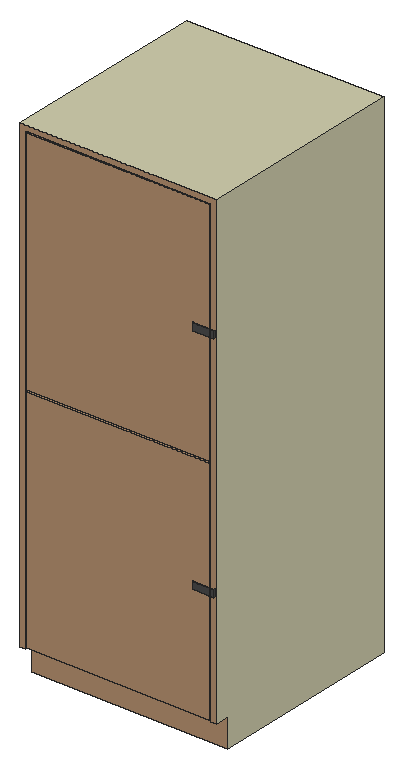
Revit family "Cabinet_Wenger_UltraStor_65", category Furniture, Revit 2015
Parameters (values of type "UltraStor Cabinet #65 - Comp Wood Doors")
  URL = "https://www.wengercorp.com/"
  Type Comments = ""
  Specification = "http://www.arcat.com/sdspecs/htm04/12_35_83wen.htm"
  Shelf Thickness = 0' - 1 1/8"
  Sales Information = "https://www.wengercorp.com/contact-us.php"
  Revision = "R1_2018-04"
  Rear Panel Thickness = 0' - 0 3/4"
  Product Data = "http://www.arcat.com/arcatcos/cos36/arc36487.html"
  Manufacturer Website = "https://www.wengercorp.com/"
  Manufacturer Phone - Toll Free = "800-4WENGER"
  Manufacturer Phone = "(507) 455-4100"
  Manufacturer Fax = "(507) 455-4258"
  Manufacturer Address = "555 Park Dr., Owatonna, MN 55060"
  Keynote = "12 35 83"
  HasDoors = yes
  Green Building-LEED = "http://www.arcat.com/green/clients/leed_data_36487.html"
  Drawn By = "Sumex Design, Inc. / Robert S. Weygant, CSI, CDT, SCIP"
  Door Width = (Cabinet Width - 0' 1 1/2")  # 2' - 2"
  Door Style = Door_Base : Solid Door
  Door Material [instance] = Wenger Cherry (Use Cherry Edge Band Only)
  Door Height = (Cabinet Height - 0' 4 3/4") / 2  # 2' - 8 1/2"
  Toe Kick Material [instance] = Wenger Cherry (Use Cherry Edge Band Only)
  RH End Panel [instance] = no
  Model = "#65"
  Manufacturer = "Wenger Corporation"
  LH End Panel [instance] = no
  End Panel Material [instance] = Wenger Cherry (Use Cherry Edge Band Only)
  Edge Banding Material [instance] = Wenger Cherry (Use Cherry Edge Band Only)
  Cost = 0
  Copyright = "© 2018 Arcat Inc."
  Construction Details = "http://www.arcat.com/details/wengerco/wengerco.html?coid=36487"
  Body Material [instance] = Wenger - Oyster
  Description = "Wenger UltraStor Cabinet #65 - Comp Wood Doors"
  Cabinet Width = 2' - 3 1/2"
  Cabinet Height = 5' - 9 3/4"
  Installed Depth = 2' - 5 1/4"
  Cabinet Panel Thickness = 0' - 0 3/4"
  Assembly Code = "E2010200"
Types (14): name | Rear Panel Thickness | HasDoors | Door Width | Door Style | Door Material | Model | Description | Cabinet Width | Installed Depth
  Acoustic Cabinet #65 - No Doors | 0' - 3 1/4" | no | 2' - 2" | Door_Base : Solid Door | none | "#65A" | "Wenger Acoustic Cabinet #65 - No Doors" | 2' - 3 1/2" | 2' - 7 3/4"
  Narrow Acoustic Cabinet #65 - No Doors | 0' - 3 1/4" | no | 1' - 8" | Door_Base : Solid Door | none | "#65NA" | "Wenger Narrow Acoustic Cabinet #65 - No Doors" | 1' - 9 1/2" | 2' - 7 3/4"
  Acoustic Cabinet #65 - Comp Grille Doors | 0' - 3 1/4" | yes | 2' - 2" | Door_Base : Bars | Painted Black | "#65A" | "Wenger Acoustic Cabinet #65 - Comp Grille Doors" | 2' - 3 1/2" | 2' - 7 3/4"
  Narrow Acoustic Cabinet #65 - Comp Waterfall Grille Doors | 0' - 3 1/4" | yes | 1' - 8" | Door_Base : Waterfall | Painted Black | "#65NA" | "Wenger Narrow Acoustic Cabinet #65 - Comp Waterfall Grille Doors" | 1' - 9 1/2" | 2' - 7 3/4"
  Acoustic Cabinet #65 - Comp Waterfall Grille Doors | 0' - 3 1/4" | yes | 2' - 2" | Door_Base : Waterfall | Painted Black | "#65A" | "Wenger Acoustic Cabinet #65 - Comp Waterfall Grille Doors" | 2' - 3 1/2" | 2' - 7 3/4"
  Narrow Acoustic Cabinet #65 - Comp Grille Doors | 0' - 3 1/4" | yes | 1' - 8" | Door_Base : Bars | Painted Black | "#65NA" | "Wenger Narrow Acoustic Cabinet #65 - Comp Grille Doors" | 1' - 9 1/2" | 2' - 7 3/4"
  UltraStor Cabinet #65 - Comp Waterfall Grille Doors | 0' - 0 3/4" | yes | 2' - 2" | Door_Base : Waterfall | Painted Black | "#65" | "Wenger UltraStor Cabinet #65 - Comp Waterfall Grille Doors" | 2' - 3 1/2" | 2' - 5 1/4"
  Narrow UltraStor Cabinet #65 - Comp Waterfall Grille Doors | 0' - 0 3/4" | yes | 1' - 8" | Door_Base : Waterfall | Painted Black | "#65N" | "Wenger Narrow Cabinet #65 - Comp Waterfall Grille Doors" | 1' - 9 1/2" | 2' - 5 1/4"
  Narrow UltraStor Cabinet #65 - No Doors | 0' - 0 3/4" | no | 1' - 8" | Door_Base : Solid Door | none | "#65N" | "Wenger Narrow Cabinet #65 - No Doors" | 1' - 9 1/2" | 2' - 5 1/4"
  UltraStor Cabinet #65 - No Doors | 0' - 0 3/4" | no | 2' - 2" | Door_Base : Solid Door | none | "#65" | "Wenger UltraStor Cabinet #65 - No Doors" | 2' - 3 1/2" | 2' - 5 1/4"
  UltraStor Cabinet #65 - Comp Wood Doors | 0' - 0 3/4" | yes | 2' - 2" | Door_Base : Solid Door | Wenger Cherry (Use Cherry Edge Band Only) | "#65" | "Wenger UltraStor Cabinet #65 - Comp Wood Doors" | 2' - 3 1/2" | 2' - 5 1/4"
  Narrow UltraStor Cabinet #65 - Comp Grille Doors | 0' - 0 3/4" | yes | 1' - 8" | Door_Base : Bars | Painted Black | "#65N" | "Wenger Narrow Cabinet #65 - Comp Grille Doors" | 1' - 9 1/2" | 2' - 5 1/4"
  Narrow UltraStor Cabinet #65 - Comp Wood Doors | 0' - 0 3/4" | yes | 1' - 8" | Door_Base : Solid Door | Wenger Cherry (Use Cherry Edge Band Only) | "#65N" | "Wenger Narrow Cabinet #65 - Comp Wood Doors" | 1' - 9 1/2" | 2' - 5 1/4"
  UltraStor Cabinet #65 - Comp Grille Doors | 0' - 0 3/4" | yes | 2' - 2" | Door_Base : Bars | Painted Black | "#65" | "Wenger UltraStor Cabinet #65 - Comp Grille Doors" | 2' - 3 1/2" | 2' - 5 1/4"
Reference planes (in)
  plane 1 "Front": y = 0
  plane 2: z = 0
  plane 3 "Left": x = 0
  plane 4 "Right": x = 27.5
  plane 5 "Back": y = 29.25
  plane 6 "Top": z = 69.75
  plane 7: z = 4
  plane 8: z = 36.5
  plane 9: x = 0.75
  plane 10: x = 26.75
  plane 11: z = 69
  plane 12: x = 26.75
  plane 13: x = 0.75
  plane 14: y = 28.5
  plane 15: y = 2
  plane 16: y = 0.75
  plane 17: z = 37.625
  plane 18: z = 5.125
Forms (in)
  Extrusion 1, solid, material "Wenger - Oyster" <- "Body Material"
    sketch origin (0, 0, 0) x (0, 1, 0) y (0, 0, 1)
      loop
        line (0, 69.75) -> (0, 4) -> (2, 4) -> (2, 0) -> (29.25, 0) -> (29.25, 69.75) -> (0, 69.75)
    from 0 to 27.5
  Extrusion 2, void
    sketch origin (0, 0, 0) x (0, 1, 0) y (0, 0, 1)
      loop
        line (0, 69) -> (0, 4) -> (0.75, 4)
        arc (0.75, 4) -> (1.15915, 4.80234) -> (2, 5.125) r 1.25694
        line (2, 5.125) -> (28.5, 5.125) -> (28.5, 36.5) -> (0.75, 36.5)
        arc (0.75, 36.5) -> (1.15915, 37.30234) -> (2, 37.625) r 1.25694
        line (2, 37.625) -> (28.5, 37.625) -> (28.5, 69) -> (0, 69)
    from 0.75 to 26.75
  Extrusion 3, void
    sketch origin (0, 0, 0) x (0, 1, 0) y (0, 0, 1)
      loop
        line (0, 69) -> (0, 4) -> (0.0625, 4) -> (0.0625, 69) -> (0, 69)
    from 0.75 to 26.75
Cuts and joins
  Extrusion 2, Extrusion 3 cuts Extrusion 1
Lines and regions (in)
  Masking region 1
    outline origin (0, 0, 0) x (1, 0, 0) y (0, 1, 0)
      loop
        line (0, 29.25) -> (0, 0) -> (27.5, 0) -> (27.5, 29.25) -> (0, 29.25)
Dimensions and locks (in)
  "Cabinet Panel Thickness": plane 3 "Left" to plane 9
  "Cabinet Panel Thickness": plane 10 to plane 4 "Right"
  "Cabinet Panel Thickness": plane 5 "Back" to plane 14
  locked: plane 1 "Front" to plane 16 at 0.75
  locked: plane 1 "Front" to plane 15 at 2
  "Shelf Thickness": plane 17 to plane 8
  "Cabinet Panel Thickness": plane 6 "Top" to plane 11
  equal spacing: plane 11, plane 8, plane 7
  "Shelf Thickness": plane 18 to plane 7
  "Cabinet Width": plane 3 "Left" to plane 4 "Right"
  locked: plane 7 to level at 4
  "Cabinet Height": plane 6 "Top" to level
  "Installed Depth": plane 1 "Front" to plane 5 "Back"
  "Door Width": plane 12 to plane 9
  "Door Width": plane 10 to plane 13
  plane 3 "Left" to plane 4 "Right" = 2' - 3 1/2"
  equal spacing: plane 5 "Back", nested 2, plane 1 "Front"
  equal spacing: plane 13, nested 2, plane 12
  aligned and locked: Extrusion 1 sketch curve to plane 6 "Top"
  aligned and locked: Extrusion 1 sketch curve to plane 5 "Back"
  aligned and locked: Extrusion 1 sketch curve to plane 1 "Front"
  aligned and locked: Extrusion 1 sketch curve to plane 7
  aligned and locked: Extrusion 1 sketch curve to plane 15
  aligned and locked: Extrusion 1 sketch curve to level
  aligned and locked: Extrusion 1 to plane 4 "Right"
  aligned and locked: Extrusion 1 to plane 3 "Left"
  aligned and locked: Extrusion 2 sketch curve to plane 11
  aligned and locked: Extrusion 2 sketch curve to plane 14
  aligned and locked: Extrusion 2 sketch curve to plane 8
  aligned and locked: Extrusion 2 sketch curve to plane 18
  aligned and locked: Extrusion 2 sketch curve to plane 17
  aligned and locked: Extrusion 2 to plane 9
  aligned and locked: Extrusion 3 sketch curve to cut or joined group of Extrusion 1, Extrusion 2, Extrusion 3  (x3)
  aligned and locked: Extrusion 3 to plane 10
  aligned and locked: Extrusion 3 to plane 9
  aligned and locked: nested 3 to plane 9
  aligned and locked: plane 12 to nested 3
  aligned and locked: nested 3 to plane 8
  aligned and locked: plane 8 to cut or joined group of Extrusion 1, Extrusion 2, Extrusion 3
  aligned and locked: plane 12 to nested 4
  aligned and locked: nested 4 to plane 9
  aligned and locked: plane 7 to cut or joined group of Extrusion 1, Extrusion 2, Extrusion 3
  aligned and locked: nested 4 to plane 7
  aligned and locked: plane 16 to Extrusion 2 sketch curve
  aligned and locked: plane 1 "Front" to nested 5
  aligned and locked: nested 5 to level
  aligned and locked: nested 5 to plane 4 "Right"
  aligned and locked: Masking region 1 sketch curve to plane 5 "Back"
  aligned and locked: Masking region 1 sketch curve to plane 1 "Front"
  aligned and locked: plane 3 "Left" to Masking region 1 sketch curve
  aligned and locked: plane 4 "Right" to Masking region 1 sketch curve
  aligned and locked: cut or joined group of Extrusion 1, Extrusion 2, Extrusion 3 to plane 10
  aligned and locked: plane 1 "Front" to Extrusion 2 sketch curve
Automatic sketch dimensions
  plane 16 to Extrusion 3 sketch curve = 0' - 0 11/16"
  Extrusion 2 sketch curve to plane 7 = 0' - 0"
  Extrusion 2 sketch curve to plane 16 = 0' - 0"
  Extrusion 2 sketch curve to plane 15 = 0' - 0"  (x2)
  Extrusion 2 sketch curve to plane 14 = 0' - 0"
Nested families (in)
  nested 1: "End Panel" at (0, 14.25, 0) x (0, -1, 0) z (0, 0, 1), End Panel Material <- "End Panel Material", visible <- "LH End Panel", Edge Banding Material <- "Edge Banding Material", type "End Panel"
    with End Panel Material Wenger Cherry (Use Cherry Edge Band Only), Edge Banding Material Wenger Cherry (Use Cherry Edge Band Only), End Panel Height 5' - 9 3/4", End Panel Depth 2' - 5 1/4"
  nested 2: "Labels" at (13.75, 14.625, 0), type "Labels"
  nested 3: "Door_Base" at (13.75, 0, 36.5) x (1, 0, 0) z (0, -1, 0), type <- "Door Style", Height <- "Door Height", Width <- "Door Width", visible <- "HasDoors", type "Solid Door", detail levels medium+fine
    with vBars 24, Width 2' - 2", ToeKick Height 0' - 4", MidBar no, Height 2' - 8 1/2", BarHt 2' - 8", 2HzBars no
  nested 4: "Door_Base" at (13.75, 0, 4) x (1, 0, 0) z (0, -1, 0), type <- "Door Style", Height <- "Door Height", Width <- "Door Width", visible <- "HasDoors", type "Solid Door", detail levels medium+fine
    with vBars 24, Width 2' - 2", ToeKick Height 0' - 4", MidBar no, Height 2' - 8 1/2", BarHt 2' - 8", 2HzBars no
  nested 5: "End Panel" at (28.25, 14.25, 0) x (0, -1, 0) z (0, 0, 1), End Panel Material <- "End Panel Material", Edge Banding Material <- "Edge Banding Material", visible <- "RH End Panel", type "End Panel"
    with End Panel Material Wenger Cherry (Use Cherry Edge Band Only), Edge Banding Material Wenger Cherry (Use Cherry Edge Band Only), End Panel Height 5' - 9 3/4", End Panel Depth 2' - 5 1/4"
Definition of nested family "End Panel"
  Parameters (values of type "End Panel")
    End Panel Material [instance] = none
    End Panel Height = 7' - 1 5/8"
    End Panel Depth = 1' - 9 3/4"
    Edge Banding Material [instance] = none
    Default Elevation = 4' - 0"
    Assembly Code = ""
  Reference planes (in)
    plane 1 "Center (Front/Back)": y = 0
    plane 2: z = 0
    plane 3 "Center (Left/Right)": x = 0
    plane 4: x = -15
    plane 5: x = 6.75
    plane 6: z = 4
    plane 7: x = 4.75
    plane 8: z = 85.625
    plane 9: y = -0.75
  Forms (in)
    Extrusion 1, solid, material <- "End Panel Material"
      sketch origin (0, 0, 0) x (1, 0, 0) y (0, 0, 1)
        loop
          line (-15, 85.625) -> (-15, 0) -> (4.75, 0) -> (4.75, 4) -> (6.75, 4) -> (6.75, 85.625) -> (-15, 85.625)
      from 0 to 0.75
  Lines and regions (in)
    Masking region 1, detail levels coarse+medium
      outline origin (0, 0, 0) x (1, 0, 0) y (0, 1, 0)
        loop
          line (-15, 0) -> (-15, -0.75) -> (6.75, -0.75) -> (6.75, 0) -> (-15, 0)
  Dimensions and locks (in)
    locked: plane 7 to plane 5 at 2
    locked: plane 6 to level at 4
    "End Panel Height": plane 8 to level
    "End Panel Depth": plane 5 to plane 4
    locked: plane 9 to plane 1 "Center (Front/Back)" at 0.75
    aligned and locked: plane 4 to Extrusion 1 sketch curve
    aligned and locked: level to Extrusion 1 sketch curve
    aligned and locked: plane 7 to Extrusion 1 sketch curve
    aligned and locked: plane 6 to Extrusion 1 sketch curve
    aligned and locked: Extrusion 1 sketch curve to plane 5
    aligned and locked: Extrusion 1 sketch curve to plane 8
    aligned and locked: Extrusion 1 to plane 9
    aligned and locked: Extrusion 1 to plane 1 "Center (Front/Back)"
    aligned and locked: plane 4 to Masking region 1 sketch curve
    aligned and locked: Masking region 1 sketch curve to plane 5
    aligned and locked: plane 1 "Center (Front/Back)" to Masking region 1 sketch curve
    aligned and locked: plane 9 to Masking region 1 sketch curve
Definition of nested family "Door_Base"
  Parameters (values of type "None")
    vBars [instance] = (Width - 0' 2") / 0' 1"  # 6
    Width [instance] = 0' - 8"
    ToeKick Height [instance] = 0' - 4"
    Thickness = 0' - 0 3/4"
    Solid Door = no
    Shelf Thickness = 0' - 0 3/4"
    Panel Thickness = 0' - 0 3/4"
    MidBar [instance] = and(Height < 1' 6", HasDoor, not(Solid Door))  # no
    Height [instance] = 1' - 2 5/8"
    HasDoor = no
    Edge Banding = none
    DoorGap = 0' - 0 1/8"
    Door Finish = none
    Depth = 2' - 0"
    Default Elevation = 4' - 0"
    Bars = no
    BarStyle = Bars : Waterfall
    BarHt [instance] = Height - 0' 0 1/2"  # 1' - 2 1/8"
    2HzBars [instance] = and(Height > 1' 6", not(Solid Door))  # no
  Types (4): name | Thickness | Solid Door | MidBar | HasDoor | Bars | BarStyle
    Solid Door | 0' - 0 3/4" | yes | no | yes | no | Bars : Waterfall
    Bars | 0' - 0 1/4" | no | yes | yes | yes | Bars : Straight
    Waterfall | 0' - 0 3/4" | no | yes | yes | yes | Bars : Waterfall
    None | 0' - 0 3/4" | no | no | no | no | Bars : Waterfall
  Reference planes (in)
    plane 1 "Center (Front/Back)": y = 0
    plane 2: z = 0
    plane 3 "Center (Left/Right)": x = 0
    plane 4: x = -4
    plane 5: y = 14.625
    plane 6: x = 4
    plane 7: z = -0.75
    plane 8: x = -3.875
    plane 9: x = 3.875
    plane 10: y = 0.125
    plane 11: y = 14.5
    plane 12: y = -0.75
    plane 13 "CL Elev": y = 7.3125
    plane 14: x = -3.75
    plane 15: x = 3.75
    plane 16 "BtmRail": y = 0.25
    plane 17: y = 14.375
    plane 18: z = -0.125
    plane 19: x = -2.75
    plane 20: x = 2.75
    plane 21: y = 9.66667
    plane 22: y = 4.95833
  Forms (in)
    Extrusion 1, solid, material <- "Door Finish", visible <- "Solid Door", detail levels medium+fine
      sketch origin (0, 0, 0) x (1, 0, 0) y (0, 1, 0)
        loop
          arc (-3.75, 14.5) -> (-3.83839, 14.46339) -> (-3.875, 14.375) r 0.125
          line (-3.875, 14.375) -> (-3.875, 0.25)
          arc (-3.875, 0.25) -> (-3.83839, 0.16161) -> (-3.75, 0.125) r 0.125
          line (-3.75, 0.125) -> (3.75, 0.125)
          arc (3.75, 0.125) -> (3.83839, 0.16161) -> (3.875, 0.25) r 0.125
          line (3.875, 0.25) -> (3.875, 14.375)
          arc (3.875, 14.375) -> (3.83839, 14.46339) -> (3.75, 14.5) r 0.125
          line (3.75, 14.5) -> (-3.75, 14.5)
      from 0 to -0.75
    Sweep 2, solid, material <- "Door Finish", visible <- "Bars", detail levels medium+fine
      path origin (0, 0, 0) x (1, 0, 0) y (0, 1, 0)
        loop
          arc (-3.125, 14.5) -> (-3.65533, 14.28033) -> (-3.875, 13.75) r 0.75
          line (-3.875, 13.75) -> (-3.875, 0.875)
          arc (-3.875, 0.875) -> (-3.65533, 0.34467) -> (-3.125, 0.125) r 0.75
          line (-3.125, 0.125) -> (3.125, 0.125)
          arc (3.125, 0.125) -> (3.65533, 0.34467) -> (3.875, 0.875) r 0.75
          line (3.875, 0.875) -> (3.875, 13.75)
          arc (3.875, 13.75) -> (3.65533, 14.28033) -> (3.125, 14.5) r 0.75
          line (3.125, 14.5) -> (-3.125, 14.5)
      profile origin (0, 14.5, 0) x (0, 1, 0) y (0, 0, 1)
        loop
          circle (-0.125, -0.125) r 0.125
    Extrusion 3, solid, material <- "Door Finish", visible <- "MidBar", detail levels medium+fine
      sketch origin (0, 0, 0) x (0, 1, 0) y (0, 0, 1)
        loop
          circle (7.3125, -0.125) r 0.125
      from -3.75 to 3.75
    Extrusion 4, solid, visible <- "HasDoor", detail levels fine
      sketch origin (0, 0, 0) x (1, 0, 0) y (0, 1, 0)
        loop
          line (1.5, 7.8125) -> (1.5, 6.8125) -> (4.5, 6.8125) -> (4.5, 7.8125) -> (1.5, 7.8125)
      from 0 to 0.125
    Extrusion 5, solid, material <- "Door Finish", visible <- "2HzBars", detail levels medium+fine
      sketch origin (0, 0, 0) x (0, 1, 0) y (0, 0, 1)
        loop
          circle (9.66667, -0.125) r 0.125
        loop
          circle (4.95833, -0.125) r 0.125
      from -3.75 to 3.75
  Lines and regions (in)
    symbolic lines, visible <- "HasDoor", detail levels medium+fine
      curve 1: line (4, 0.25, 0) -> (-4, 0.25, 0)
      curve 2: line (-4, 0.25, 0) -> (-4, 0.25, 8)
      curve 3: arc (4, 0.25, 0) -> (1.65685, 0.25, 5.65685) -> (-4, 0.25, 8) r 8
    symbolic lines, visible <- "HasDoor"
      curve 4: line (3.875, 0.25, 0) -> (3.875, 0.25, -0.75)
      curve 5: line (3.875, 0.25, -0.75) -> (-3.875, 0.25, -0.75)
      curve 6: line (-3.875, 0.25, -0.75) -> (-3.875, 0.25, 0)
    symbolic lines, detail levels medium
      curve 7: line (3.875, 14.5, 0) -> (-3.875, 7.3125, 0)
      curve 8: line (-3.875, 7.3125, 0) -> (3.875, 0.125, 0)
  Dimensions and locks (in)
    "Height": plane 1 "Center (Front/Back)" to plane 5
    "Thickness": level to plane 7
    equal spacing: plane 4, plane 3 "Center (Left/Right)", plane 6
    "Width": plane 4 to plane 6
    "DoorGap": plane 5 to plane 11
    "DoorGap": plane 9 to plane 6
    "DoorGap": plane 4 to plane 8
    "DoorGap": plane 1 "Center (Front/Back)" to plane 10
    "Shelf Thickness": plane 1 "Center (Front/Back)" to plane 12
    equal spacing: plane 1 "Center (Front/Back)", plane 13 "CL Elev", plane 5
    locked: plane 15 to plane 9 at 0.125
    locked: plane 8 to plane 14 at 0.125
    locked: plane 11 to plane 17 at 0.125
    locked: plane 16 "BtmRail" to plane 10 at 0.125
    locked: level to plane 18 at 0.125
    plane 19 to plane 14 = 0' - 1"
    locked: plane 15 to plane 20 at 1
    Extrusion 4 sketch curve to plane 13 "CL Elev" to Extrusion 4 sketch curve = 0' - 0 1/2" locked, 0' - 0 1/2" locked
    locked: plane 6 to Extrusion 4 sketch curve at 0.5
    locked: Extrusion 4 sketch curve to plane 6 at 2.5
    locked: Extrusion 4 to level at 0.125
    equal spacing: group 1, group 3, group 4, group 5, group 6, group 2  (x3)
    equal spacing: plane 17, plane 21, plane 22, plane 16 "BtmRail"
    "Width": radius of curve 3
    aligned and locked: plane 2 to level
    aligned and locked: Extrusion 1 sketch curve to plane 11
    aligned and locked: plane 8 to Extrusion 1 sketch curve
    aligned and locked: Extrusion 1 sketch curve to plane 9
    aligned and locked: plane 10 to Extrusion 1 sketch curve
    aligned and locked: Extrusion 1 to plane 7
    aligned and locked: level to Extrusion 1
    aligned and locked: Sweep 2 sketch curve to plane 11
    aligned and locked: plane 8 to Sweep 2 sketch curve
    aligned and locked: plane 10 to Sweep 2 sketch curve
    aligned and locked: Sweep 2 sketch curve to plane 9
    aligned and locked: plane 15 to Extrusion 3
    aligned and locked: Extrusion 3 to plane 14
    aligned and locked: plane 20 to nested 2
    aligned and locked: plane 19 to nested 1
    aligned and locked: plane 21 to Extrusion 5 sketch curve
    aligned and locked: plane 18 to Extrusion 5 sketch curve  (x2)
    aligned and locked: plane 22 to Extrusion 5 sketch curve
    aligned and locked: Extrusion 5 to Extrusion 3  (x2)
    aligned and locked: plane 4 to curve 3  (x2)
    aligned and locked: level to curve 3
    aligned and locked: plane 7 to curve 5
    aligned and locked: Extrusion 1 to plane 8
    aligned and locked: plane 9 to Extrusion 1
    aligned and locked: plane 10 to curve 8
    aligned and locked: plane 9 to curve 8
    aligned and locked: plane 13 "CL Elev" to curve 8
    aligned and locked: plane 11 to curve 7
    aligned and locked: plane 9 to curve 7
  Automatic sketch dimensions
    plane 8 to Sweep 2 sketch curve = 0' - 0 3/4"  (x2)
    Sweep 2 sketch curve to plane 9 = 0' - 0 3/4"
    Sweep 2 sketch curve to Sweep 2 sketch curve = 0' - 0 3/4"
    Sweep 2 sketch curve to level = 0' - 0 1/8"
    profile plane to Sweep 2 sketch curve = 0' - 0 1/8"
    Extrusion 3 sketch curve to level = 0' - 0 1/8"
    Extrusion 3 sketch curve to plane 13 "CL Elev" = 0' - 0"
    curve 8 to plane 8 = 0' - 0"
    Extrusion 1 sketch curve to plane 14 = 0' - 0"  (x2)
    Extrusion 1 sketch curve to plane 15 = 0' - 0"  (x2)
    curve 5 to plane 9 = 0' - 0"
    curve 6 to plane 8 = 0' - 0"
    radius of Sweep 2 sketch curve = 0' - 0 1/8"
    radius of Extrusion 3 sketch curve = 0' - 0 1/8"
    radius of Extrusion 5 sketch curve = 0' - 0 1/8"  (x2)
  Nested families (in)
    nested 1: "Bars" at (-2.75, 0.25, -0.125) x (1, 0, 0) z (0, 1, 0), type <- "BarStyle", visible <- "Bars", type "Waterfall", detail levels fine
      with Lateral Deviation 0' - 1", Height 1' - 2 1/8"
    nested 2: "Bars" at (2.75, 0.25, -0.125) x (1, 0, 0) z (0, 1, 0), type <- "BarStyle", visible <- "Bars", type "Waterfall", detail levels fine
      with Lateral Deviation 0' - 1", Height 1' - 2 1/8"
    nested 3: "Bars" at (-1.65, 0.25, -0.125) x (1, 0, 0) z (0, 1, 0), type <- "BarStyle", visible <- "Bars", type "Waterfall", detail levels fine
      with Lateral Deviation 0' - 1", Height 1' - 2 1/8"
    nested 4: "Bars" at (-0.55, 0.25, -0.125) x (1, 0, 0) z (0, 1, 0), type <- "BarStyle", visible <- "Bars", type "Waterfall", detail levels fine
      with Lateral Deviation 0' - 1", Height 1' - 2 1/8"
    nested 5: "Bars" at (0.55, 0.25, -0.125) x (1, 0, 0) z (0, 1, 0), type <- "BarStyle", visible <- "Bars", type "Waterfall", detail levels fine
      with Lateral Deviation 0' - 1", Height 1' - 2 1/8"
    nested 6: "Bars" at (1.65, 0.25, -0.125) x (1, 0, 0) z (0, 1, 0), type <- "BarStyle", visible <- "Bars", type "Waterfall", detail levels fine
      with Lateral Deviation 0' - 1", Height 1' - 2 1/8"
  Definition of nested family "Bars"
    Parameters (values of type "Straight")
      WaterFall = no
      Straight = yes
      Lateral Deviation = 0' - 1 1/2"
      Height = 1' - 2 5/8"
      Default Elevation = 4' - 0"
      Bars = none
    Types (3): name | WaterFall | Straight
      (no name) | no | yes
      Waterfall | yes | no
      Straight | no | yes
    Reference planes (in)
      plane 1 "Center (Front/Back)": y = 0
      plane 2: z = 0
      plane 3 "Center (Left/Right)": x = 0
      plane 4: z = 14.625
      plane 5: z = 7.3125
      plane 6: x = 0.75
      plane 7: x = -0.75
      plane 8: z = 10.96875
      plane 9: z = 3.65625
    Forms (in)
      Sweep 1, solid, material <- "Bars", visible <- "WaterFall"
        path origin (0, 0, 0) x (1, 0, 0) y (0, 0, 1)
          loop
            arc (0, 0) -> (0.56057, 1.79006) -> (0.75, 3.65625) r 9.28711
            arc (0.75, 3.65625) -> (0.56057, 5.52244) -> (0, 7.3125) r 9.28711
        profile origin (0.56057, 0, 1.79006) x (-0.979603, 0, 0.200944) y (0, -1, 0)
          loop
            circle (0, 0) r 0.0625
      Sweep 2, solid, material <- "Bars", visible <- "WaterFall"
        path origin (0, 0, 14.625) x (-1, 0, 0) y (0, 0, -1)
          loop
            arc (0, 0) -> (0.56057, 1.79006) -> (0.75, 3.65625) r 9.28711
            arc (0.75, 3.65625) -> (0.56057, 5.52244) -> (0, 7.3125) r 9.28711
        profile origin (-0.56057, 0, 12.83494) x (0.979603, 0, -0.200944) y (0, -1, 0)
          loop
            circle (0, 0) r 0.0625
      Extrusion 3, solid, material <- "Bars", visible <- "Straight"
        sketch origin (0, 0, 0) x (1, 0, 0) y (0, 1, 0)
          loop
            circle (0, 0) r 0.0625
        from 0 to 14.625
    Dimensions and locks (in)
      "Height": plane 4 to level
      equal spacing: plane 6, plane 3 "Center (Left/Right)", plane 7
      "Lateral Deviation": plane 6 to plane 7
      equal spacing: plane 4, plane 8, plane 5, plane 9, level
      aligned and locked: plane 2 to level
      aligned and locked: plane 3 "Center (Left/Right)" to Sweep 1 sketch curve  (x2)
      aligned and locked: level to Sweep 1 sketch curve
      aligned and locked: plane 6 to Sweep 1 sketch curve
      aligned and locked: plane 9 to Sweep 1 sketch curve
      aligned and locked: plane 4 to Sweep 2 sketch curve
      aligned and locked: plane 3 "Center (Left/Right)" to Sweep 2 sketch curve  (x2)
      aligned and locked: plane 8 to Sweep 2 sketch curve
      aligned and locked: plane 7 to Sweep 2 sketch curve
      aligned and locked: plane 5 to Sweep 2 sketch curve
      aligned and locked: plane 4 to Extrusion 3
      aligned and locked: Extrusion 3 to level
    Automatic sketch dimensions
      plane 1 "Center (Front/Back)" to Sweep 1 sketch curve = 0' - 0"
      Sweep 1 sketch curve to profile plane = 0' - 0"
      Sweep 1 sketch curve to Sweep 1 sketch curve = 0' - 0"
      Sweep 2 sketch curve to plane 1 "Center (Front/Back)" = 0' - 0"
      Sweep 2 sketch curve to profile plane = 0' - 0"
      plane 1 "Center (Front/Back)" to Extrusion 3 sketch curve = 0' - 0"
      Extrusion 3 sketch curve to plane 3 "Center (Left/Right)" = 0' - 0"
      radius of Sweep 1 sketch curve = 0' - 0 1/16"
      radius of Sweep 2 sketch curve = 0' - 0 1/16"
      radius of Extrusion 3 sketch curve = 0' - 0 1/16"
Definition of nested family "Labels"
  Parameters
    Cabinet Label = "01"
  Reference planes (in)
    plane 1: y = 0
    plane 2: x = 0
  Text (in)
    label "xxxx" at (-0.00018, 0.00754, 0), shows "Cabinet Label"
